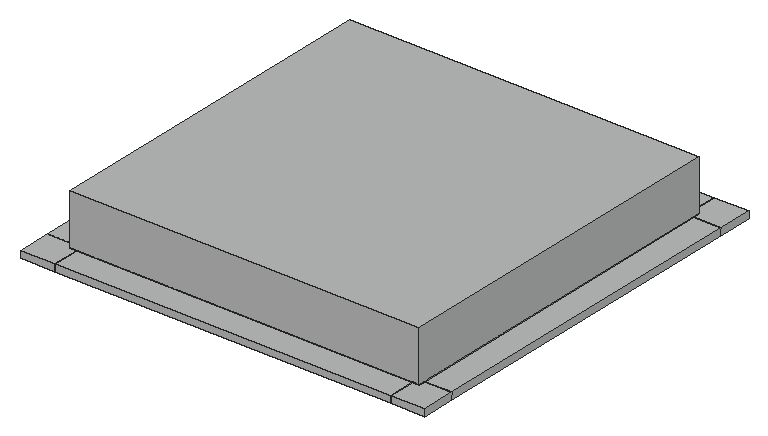
Revit family "ALUMOGIPS", category Осветительные приборы, Revit 2019 (continued)
Types (72, lengths in mm): name | Файл фотометрической сетки | built-in parameter 1150105 | Lumens | built-in parameter 1150106 | built-in parameter 1150142 | Wattage | Emit from Rectangle Width | Emit from Rectangle Length | Длина | Материал светильника | Ширина | ADSK_Ток | ADSK_Полная мощность | ADSK_Обозначение | ADSK_Номинальная мощность | ADSK_Наименование | ADSK_Масса | ADSK_Код изделия
  Alumogips-76/opal-sand 295х1195 (IP40, 4000К, серый) | "Светильник ALUMOGIPS-76 OPAL-SAND-(295x1195).ies" | 604.79 (stored number, unit not read) | 7600 lm | 6.0479 (stored number, unit not read) | "IESNA:LM-63-1995\r\n[TEST] Протокол №335/16 от 03.11.2016г. Испытательная лаборатория Государственного предприятия \"ЦСОТ НАН Беларуси\"\r\n[MORE] FFFFFFFD4B5B12BA015C1433E5FB5F5B8\r\n[DATA] 02.11.2016\r\n[MANUFAC] ЗАО \"Центрстройсвет\"\r\n[LUMCAT] Светильник ALUMOGIPS-76/OPAL-SAND-(295X1195)\r\n[LUMINAIRE] офисное освещение\r\n[LAMP] \r\nTILT=NONE\r\n1    -1.0   1.000 91 181 1 2   0.295   1.195   0.04\r\n1.0  1.0   75.50\r\n0.0 2.0 4.0 6.0 8.0 10.0 12.0 14.0 16.0 18.0 20.0 22.0 24.0 26.0 28.0 30.0 32.0 34.0 36.0 38.0 40.0 42.0 44.0 46.0 48.0 50.0 52.0 54.0 56.0 58.0 60.0 62.0 64.0 66.0 68.0 70.0 72.0 74.0 76.0 78.0 80.0 82.0 84.0 86.0 88.0 90.0 92.0 94.0 96.0 98.0 100.0 102.0 104.0 106.0 108.0 110.0 112.0 114.0 116.0 118.0 120.0 122.0 124.0 126.0 128.0 130.0 132.0 134.0 136.0 138.0 140.0 142.0 144.0 146.0 148.0 150.0 152.0 154.0 156.0 158.0 160.0 162.0 164.0 166.0 168.0 170.0 172.0 174.0 176.0 178.0 180.0 \r\n0.0 2.0 4.0 6.0 8.0 10.0 12.0 14.0 16.0 18.0 20.0 22.0 24.0 26.0 28.0 30.0 32.0 34.0 36.0 38.0 40.0 42.0 44.0 46.0 48.0 50.0 52.0 54.0 56.0 58.0 60.0 62.0 64.0 66.0 68.0 70.0 72.0 74.0 76.0 78.0 80.0 82.0 84.0 86.0 88.0 90.0 92.0 94.0 96.0 98.0 100.0 102.0 104.0 106.0 108.0 110.0 112.0 114.0 116.0 118.0 120.0 122.0 124.0 126.0 128.0 130.0 132.0 134.0 136.0 138.0 140.0 142.0 144.0 146.0 148.0 150.0 152.0 154.0 156.0 158.0 160.0 162.0 164.0 166.0 168.0 170.0 172.0 174.0 176.0 178.0 180.0 182.0 184.0 186.0 188.0 190.0 192.0 194.0 196.0 198.0 200.0 202.0 204.0 206.0 208.0 210.0 212.0 214.0 216.0 218.0 220.0 222.0 224.0 226.0 228.0 230.0 232.0 234.0 236.0 238.0 240.0 242.0 244.0 246.0 248.0 250.0 252.0 254.0 256.0 258.0 260.0 262.0 264.0 266.0 268.0 270.0 272.0 274.0 276.0 278.0 280.0 282.0 284.0 286.0 288.0 290.0 292.0 294.0 296.0 298.0 300.0 302.0 304.0 306.0 308.0 310.0 312.0 314.0 316.0 318.0 320.0 322.0 324.0 326.0 328.0 330.0 332.0 334.0 336.0 338.0 340.0 342.0 344.0 346.0 348.0 350.0 352.0 354.0 356.0 358.0 360.0 \r\n2755.907 2758.554 2753.161 2748.260 2733.459 2716.893 2696.309 2668.372 2638.377 2600.932 2557.411 2512.908 2465.466 2414.396 2357.836 2298.435 2239.229 2172.084 \r\n2104.547 2034.166 1962.708 1888.308 1811.654 1733.628 1653.446 1571.400 1488.670 1404.175 1318.796 1228.811 1141.474 1053.841 965.425 877.106 788.985 701.940 615.582 530.596 \r\n448.650 369.055 293.774 222.217 154.582 93.612 39.699 3.823 3.823 3.725 3.627 3.529 3.431 3.332 3.234 3.137 3.137 3.039 2.941 2.842 2.744 2.647 2.549 2.450 2.450 2.352 2.254 2.157 2.059 1.960 1.862 \r\n1.764 1.764 1.667 1.569 1.470 1.372 1.274 1.177 1.078 1.078 0.980 0.882 0.784 0.687 0.588 0.490 0.392 0.392 0.294 0.196 0.098 0.000 \r\n2755.907 2758.455 2753.064 2748.065 2733.166 2716.501 2695.819 2667.784 2637.692 2600.247 2556.724 2512.124 2464.681 2413.513 2356.954 2297.552 2238.249 2171.202 \r\n2103.565 2033.186 1961.727 1887.328 1810.674 1732.648 1652.465 1570.518 1487.788 1403.292 1317.816 1227.930 1140.689 1053.058 964.837 876.519 788.396 701.548 615.190 530.303 \r\n448.356 368.859 293.578 222.119 154.483 93.612 39.601 3.823 3.725 3.725 3.627 3.529 3.431 3.332 3.234 3.137 3.039 3.039 2.941 2.842 2.744 2.647 2.549 2.450 2.352 2.352 2.254 2.157 2.059 1.960 1.862 \r\n1.764 1.667 1.667 1.569 1.470 1.372 1.274 1.177 1.078 0.980 0.980 0.882 0.784 0.687 0.588 0.490 0.392 0.294 0.294 0.196 0.098 0.000 \r\n2755.907 2758.357 2752.868 2747.770 2732.871 2716.011 2695.329 2667.294 2637.005 2599.462 2556.039 2511.438 2463.897 2412.631 2356.072 2296.670 2237.269 2170.221 \r\n2102.585 2032.205 1960.747 1886.347 1809.694 1731.668 1651.485 1569.538 1486.905 1402.410 1316.934 1227.146 1139.905 1052.371 964.150 876.029 787.906 701.057 614.798 530.008 \r\n448.061 368.663 293.480 222.022 154.386 93.514 39.504 3.823 3.725 3.725 3.627 3.529 3.431 3.332 3.234 3.137 3.039 3.039 2.941 2.842 2.744 2.647 2.549 2.450 2.352 2.352 2.254 2.157 2.059 1.960 1.862 \r\n1.764 1.667 1.667 1.569 1.470 1.372 1.274 1.177 1.078 0.980 0.980 0.882 0.784 0.687 0.588 0.490 0.392 0.294 0.294 0.196 0.098 0.000 \r\n2755.907 2758.259 2752.770 2747.477 2732.577 2715.619 2694.741 2666.706 2636.319 2598.776 2555.352 2510.654 2463.113 2411.749 2355.190 2295.788 2236.289 2169.241 \r\n2101.605 2031.323 1959.767 1885.367 1808.713 1730.687 1650.505 1568.656 1485.925 1401.528 1316.052 1226.361 1139.219 1051.684 963.465 875.440 787.416 700.567 614.406 529.616 \r\n447.866 368.467 293.283 221.923 154.288 93.514 39.504 3.823 3.725 3.725 3.627 3.529 3.431 3.332 3.234 3.137 3.039 3.039 2.941 2.842 2.744 2.647 2.549 2.450 2.352 2.352 2.254 2.157 2.059 1.960 1.862 \r\n1.764 1.667 1.667 1.569 1.470 1.372 1.274 1.177 1.078 0.980 0.980 0.882 0.784 0.687 0.588 0.490 0.392 0.294 0.294 0.196 0.098 0.000 \r\n2755.907 2758.161 2752.671 2747.280 2732.283 2715.227 2694.250 2666.117 2635.633 2598.090 2554.764 2509.967 2462.329 2410.964 2354.406 2294.906 2235.309 2168.359 \r\n2100.625 2030.343 1958.787 1884.387 1807.733 1729.707 1649.525 1567.676 1485.043 1400.646 1315.072 1225.479 1138.435 1050.901 962.876 874.852 786.926 700.176 614.013 529.323 \r\n447.571 368.272 293.088 221.825 154.190 93.415 39.405 3.823 3.725 3.725 3.627 3.529 3.431 3.332 3.234 3.137 3.039 3.039 2.941 2.842 2.744 2.647 2.549 2.450 2.352 2.352 2.254 2.157 2.059 1.960 1.862 \r\n1.764 1.667 1.667 1.569 1.470 1.372 1.274 1.177 1.078 0.980 0.980 0.882 0.784 0.687 0.588 0.490 0.392 0.294 0.294 0.196 0.098 0.000 \r\n2755.907 2757.965 2752.574 2746.987 2731.989 2714.835 2693.662 2665.530 2635.045 2597.404 2554.078 2509.184 2461.545 2410.082 2353.524 2294.024 2234.328 2167.378 \r\n2099.743 2029.363 1957.708 1883.309 1806.753 1728.727 1648.643 1566.794 1484.161 1399.764 1314.190 1224.695 1137.651 1050.214 962.190 874.264 786.338 699.685 613.621 529.028 \r\n447.278 368.075 292.990 221.727 154.190 93.415 39.405 3.823 3.725 3.627 3.627 3.529 3.431 3.332 3.234 3.137 3.039 3.039 2.941 2.842 2.744 2.647 2.549 2.450 2.352 2.352 2.254 2.157 2.059 1.960 1.862 \r\n1.764 1.667 1.667 1.569 1.470 1.372 1.274 1.177 1.078 0.980 0.980 0.882 0.784 0.687 0.588 0.490 0.392 0.294 0.294 0.196 0.098 0.000 \r\n2755.907 2757.867 2752.378 2746.692 2731.695 2714.443 2693.172 2665.040 2634.358 2596.718 2553.392 2508.497 2460.760 2409.200 2352.642 2293.141 2233.348 2166.398 \r\n2098.763 2028.383 1956.728 1882.328 1805.773 1727.747 1647.662 1565.814 1483.181 1398.881 1313.307 1223.911 1136.965 1049.529 961.603 873.675 785.848 699.195 613.230 528.734 \r\n446.983 367.879 292.793 221.629 154.091 93.317 39.307 3.823 3.725 3.627 3.627 3.529 3.431 3.332 3.234 3.137 3.039 2.941 2.941 2.842 2.744 2.647 2.549 2.450 2.352 2.352 2.254 2.157 2.059 1.960 1.862 \r\n1.764 1.667 1.667 1.569 1.470 1.372 1.274 1.177 1.078 0.980 0.980 0.882 0.784 0.687 0.588 0.490 0.392 0.294 0.294 0.196 0.098 0.000 \r\n2755.907 2757.769 2752.279 2746.497 2731.302 2713.953 2692.682 2664.452 2633.673 2596.031 2552.705 2507.713 2459.976 2408.417 2351.759 2292.259 2232.368 2165.418 \r\n2097.782 2027.403 1955.748 1881.348 1804.694 1726.767 1646.682 1564.931 1482.299 1398.097 1312.327 1223.029 1136.181 1048.842 960.916 873.088 785.357 698.803 612.838 528.342 \r\n446.788 367.683 292.598 221.532 153.993 93.220 39.209 3.823 3.725 3.627 3.627 3.529 3.431 3.332 3.234 3.137 3.039 2.941 2.941 2.842 2.744 2.647 2.549 2.450 2.352 2.352 2.254 2.157 2.059 1.960 1.862 \r\n1.764 1.667 1.667 1.569 1.470 1.372 1.274 1.177 1.078 0.980 0.980 0.882 0.784 0.687 0.588 0.490 0.392 0.294 0.294 0.196 0.098 0.000 \r\n2755.907 2757.671 2752.181 2746.202 2731.009 2713.561 2692.094 2663.863 2632.986 2595.346 2552.020 2507.027 2459.192 2407.534 2350.877 2291.377 2231.387 2164.536 \r\n2096.802 2026.520 1954.768 1880.368 1803.714 1725.787 1645.702 1563.951 1481.416 1397.215 1311.445 1222.245 1135.396 1048.058 960.229 872.500 784.867 698.313 612.446 528.048 \r\n446.493 367.487 292.500 221.433 153.896 93.220 39.209 3.823 3.725 3.627 3.627 3.529 3.431 3.332 3.234 3.137 3.039 2.941 2.941 2.842 2.744 2.647 2.549 2.450 2.352 2.254 2.254 2.157 2.059 1.960 1.862 \r\n1.764 1.667 1.667 1.569 1.470 1.372 1.274 1.177 1.078 0.980 0.980 0.882 0.784 0.687 0.588 0.490 0.392 0.294 0.294 0.196 0.098 0.000 \r\n2755.907 2757.573 2752.084 2745.908 2730.715 2713.169 2691.603 2663.275 2632.300 2594.659 2551.333 2506.341 2458.408 2406.652 2349.995 2290.495 2230.407 2163.556 \r\n2095.822 2025.539 1953.788 1879.388 1802.734 1724.806 1644.722 1563.069 1480.436 1396.332 1310.465 1221.460 1134.711 1047.372 959.642 872.010 784.279 697.921 612.053 527.754 \r\n446.199 367.193 292.303 221.335 153.798 93.122 39.111 3.823 3.725 3.627 3.627 3.529 3.431 3.332 3.234 3.137 3.039 2.941 2.941 2.842 2.744 2.647 2.549 2.450 2.352 2.254 2.254 2.157 2.059 1.960 1.862 \r\n1.764 1.667 1.667 1.569 1.470 1.372 1.274 1.177 1.078 0.980 0.980 0.882 0.784 0.687 0.588 0.490 0.392 0.294 0.294 0.196 0.098 0.000 \r\n2755.907 2757.475 2751.986 2745.615 2730.420 2712.777 2691.113 2662.785 2631.614 2593.973 2550.648 2505.556 2457.624 2405.770 2349.113 2289.612 2229.426 2162.576 \r\n2094.842 2024.559 1952.709 1878.309 1801.754 1723.826 1643.742 1562.089 1479.554 1395.450 1309.583 1220.578 1133.926 1046.685 958.956 871.421 783.789 697.431 611.661 527.459 \r\n445.905 366.997 292.108 221.237 153.798 93.122 39.013 3.823 3.725 3.627 3.529 3.529 3.431 3.332 3.234 3.137 3.039 2.941 2.941 2.842 2.744 2.647 2.549 2.450 2.352 2.254 2.254 2.157 2.059 1.960 1.862 \r\n1.764 1.667 1.667 1.569 1.470 1.372 1.274 1.177 1.078 0.980 0.980 0.882 0.784 0.687 0.588 0.490 0.392 0.294 0.294 0.196 0.098 0.000 \r\n2755.907 2757.279 2751.789 2745.418 2730.127 2712.384 2690.525 2662.197 2631.026 2593.287 2550.059 2504.871 2456.839 2404.985 2348.231 2288.730 2228.446 2161.694 \r\n2093.960 2023.579 1951.729 1877.329 1800.774 1722.846 1642.860 1561.207 1478.672 1394.568 1308.701 1219.793 1133.142 1046.000 958.367 870.833 783.299 696.941 611.269 527.067 \r\n445.709 366.800 292.010 221.041 153.700 93.024 39.013 3.823 3.725 3.627 3.529 3.529 3.431 3.332 3.234 3.137 3.039 2.941 2.941 2.842 2.744 2.647 2.549 2.450 2.352 2.254 2.254 2.157 2.059 1.960 1.862 \r\n1.764 1.667 1.569 1.569 1.470 1.372 1.274 1.177 1.078 0.980 0.980 0.882 0.784 0.687 0.588 0.490 0.392 0.294 0.294 0.196 0.098 0.000 \r\n2755.907 2757.180 2751.691 2745.124 2729.832 2711.992 2690.035 2661.608 2630.339 2592.601 2549.373 2504.086 2456.055 2404.103 2347.348 2287.848 2227.466 2160.713 \r\n2092.980 2022.599 1950.749 1876.349 1799.793 1721.768 1641.879 1560.226 1477.691 1393.686 1307.720 1219.010 1132.456 1045.215 957.681 870.245 782.809 696.548 610.877 526.774 \r\n445.414 366.605 291.813 220.943 153.601 93.024 38.915 3.823 3.725 3.627 3.529 3.529 3.431 3.332 3.234 3.137 3.039 2.941 2.842 2.842 2.744 2.647 2.549 2.450 2.352 2.254 2.254 2.157 2.059 1.960 1.862 \r\n1.764 1.667 1.569 1.569 1.470 1.372 1.274 1.177 1.078 0.980 0.980 0.882 0.784 0.687 0.588 0.490 0.392 0.294 0.294 0.196 0.098 0.000 \r\n2755.907 2757.083 2751.594 2744.830 2729.539 2711.502 2689.545 2661.021 2629.654 2591.915 2548.687 2503.401 2455.271 2403.221 2346.564 2286.966 2226.486 2159.733 \r\n2091.999 2021.619 1949.769 1875.369 1798.813 1720.787 1640.899 1559.344 1476.809 1392.804 1306.837 1218.128 1131.672 1044.529 957.093 869.656 782.319 696.058 610.485 526.479 \r\n445.121 366.408 291.618 220.845 153.503 92.925 38.915 3.823 3.725 3.627 3.529 3.529 3.431 3.332 3.234 3.137 3.039 2.941 2.842 2.842 2.744 2.647 2.549 2.450 2.352 2.254 2.254 2.157 2.059 1.960 1.862 \r\n1.764 1.667 1.569 1.569 1.470 1.372 1.274 1.177 1.078 0.980 0.980 0.882 0.784 0.687 0.588 0.490 0.392 0.294 0.294 0.196 0.098 0.000 \r\n2755.907 2756.985 2751.496 2744.634 2729.244 2711.110 2688.957 2660.531 2628.967 2591.228 2548.001 2502.616 2454.389 2402.339 2345.682 2286.084 2225.506 2158.850 \r\n2091.019 2020.737 1948.690 1874.290 1797.833 1719.807 1639.919 1558.364 1475.926 1392.019 1305.955 1217.343 1130.887 1043.843 956.407 869.069 781.730 695.568 610.093 526.185 \r\n444.827 366.213 291.519 220.747 153.406 92.925 38.817 3.823 3.725 3.627 3.529 3.431 3.431 3.332 3.234 3.137 3.039 2.941 2.842 2.842 2.744 2.647 2.549 2.450 2.352 2.254 2.254 2.157 2.059 1.960 1.862 \r\n1.764 1.667 1.569 1.569 1.470 1.372 1.274 1.177 1.078 0.980 0.980 0.882 0.784 0.687 0.588 0.490 0.392 0.294 0.294 0.196 0.098 0.000 \r\n2755.907 2756.887 2751.398 2744.340 2728.852 2710.718 2688.466 2659.943 2628.281 2590.542 2547.314 2501.930 2453.605 2401.554 2344.799 2285.201 2224.525 2157.870 \r\n2090.039 2019.756 1947.710 1873.310 1796.853 1718.827 1638.939 1557.481 1474.946 1391.137 1304.975 1216.559 1130.201 1043.157 955.720 868.481 781.240 695.176 609.701 525.794 \r\n444.631 366.016 291.323 220.649 153.406 92.827 38.719 3.823 3.725 3.627 3.529 3.431 3.431 3.332 3.234 3.137 3.039 2.941 2.842 2.842 2.744 2.647 2.549 2.450 2.352 2.254 2.157 2.157 2.059 1.960 1.862 \r\n1.764 1.667 1.569 1.569 1.470 1.372 1.274 1.177 1.078 0.980 0.980 0.882 0.784 0.687 0.588 0.490 0.392 0.294 0.294 0.196 0.098 0.000 \r\n2755.907 2756.789 2751.201 2744.046 2728.558 2710.326 2687.879 2659.354 2627.693 2589.856 2546.629 2501.244 2452.820 2400.672 2343.917 2284.320 2223.545 2156.890 \r\n2089.059 2018.776 1946.730 1872.330 1795.774 1717.847 1638.056 1556.501 1474.064 1390.255 1304.093 1215.677 1129.417 1042.373 955.133 867.991 780.750 694.686 609.309 525.499 \r\n444.337 365.820 291.128 220.551 153.308 92.730 38.719 3.823 3.725 3.627 3.529 3.431 3.431 3.332 3.234 3.137 3.039 2.941 2.842 2.842 2.744 2.647 2.549 2.450 2.352 2.254 2.157 2.157 2.059 1.960 1.862 \r\n1.764 1.667 1.569 1.569 1.470 1.372 1.274 1.177 1.078 0.980 0.980 0.882 0.784 0.687 0.588 0.490 0.392 0.294 0.294 0.196 0.098 0.000 \r\n2755.907 2756.592 2751.104 2743.850 2728.264 2709.934 2687.389 2658.864 2627.007 2589.170 2545.942 2500.459 2452.036 2399.790 2343.035 2283.438 2222.565 2156.008 \r\n2088.079 2017.796 1945.750 1871.350 1794.794 1716.867 1637.076 1555.619 1473.182 1389.372 1303.113 1214.892 1128.633 1041.687 954.446 867.402 780.260 694.294 608.917 525.205 \r\n444.042 365.625 291.029 220.453 153.209 92.730 38.621 3.823 3.725 3.627 3.529 3.431 3.431 3.332 3.234 3.137 3.039 2.941 2.842 2.744 2.744 2.647 2.549 2.450 2.352 2.254 2.157 2.157 2.059 1.960 1.862 \r\n1.764 1.667 1.569 1.569 1.470 1.372 1.274 1.177 1.078 0.980 0.882 0.882 0.784 0.687 0.588 0.490 0.392 0.294 0.294 0.196 0.098 0.000 \r\n2755.907 2756.495 2751.006 2743.556 2727.970 2709.443 2686.899 2658.276 2626.320 2588.484 2545.255 2499.773 2451.252 2399.006 2342.153 2282.556 2221.585 2155.028 \r\n2087.196 2016.816 1944.769 1870.370 1793.814 1715.886 1636.095 1554.639 1472.202 1388.490 1302.231 1214.109 1127.946 1041.000 953.858 866.814 779.672 693.804 608.524 524.912 \r\n443.749 365.330 290.833 220.355 153.111 92.632 38.523 3.823 3.725 3.627 3.529 3.431 3.431 3.332 3.234 3.137 3.039 2.941 2.842 2.744 2.744 2.647 2.549 2.450 2.352 2.254 2.157 2.157 2.059 1.960 1.862 \r\n1.764 1.667 1.569 1.569 1.470 1.372 1.274 1.177 1.078 0.980 0.882 0.882 0.784 0.687 0.588 0.490 0.392 0.294 0.294 0.196 0.098 0.000 \r\n2755.907 2756.397 2750.907 2743.261 2727.676 2709.052 2686.311 2657.687 2625.635 2587.700 2544.668 2498.989 2450.468 2398.124 2341.271 2281.673 2220.605 2154.047 \r\n2086.215 2015.836 1943.691 1869.292 1792.834 1714.906 1635.115 1553.757 1471.320 1387.608 1301.348 1213.227 1127.163 1040.314 953.173 866.226 779.182 693.314 608.132 524.519 \r\n443.552 365.134 290.637 220.257 153.013 92.632 38.523 3.823 3.725 3.627 3.529 3.431 3.332 3.332 3.234 3.137 3.039 2.941 2.842 2.744 2.744 2.647 2.549 2.450 2.352 2.254 2.157 2.157 2.059 1.960 1.862 \r\n1.764 1.667 1.569 1.569 1.470 1.372 1.274 1.177 1.078 0.980 0.882 0.882 0.784 0.687 0.588 0.490 0.392 0.294 0.294 0.196 0.098 0.000 \r\n2755.907 2756.299 2750.711 2742.968 2727.382 2708.660 2685.821 2657.100 2624.948 2587.013 2543.982 2498.303 2449.684 2397.242 2340.388 2280.791 2219.624 2153.166 \r\n2085.235 2014.954 1942.7
